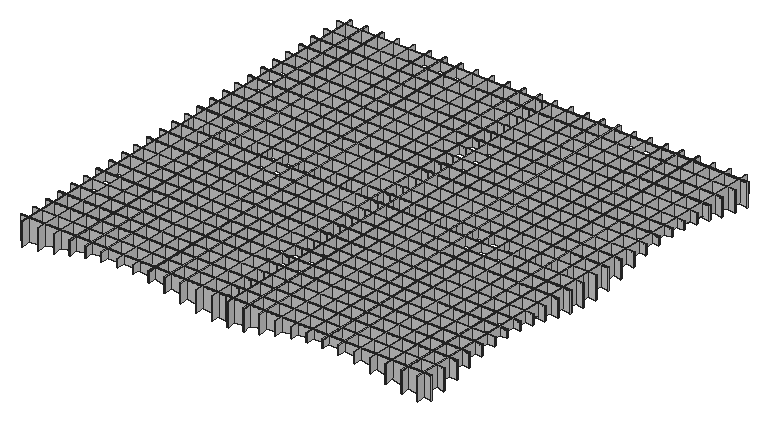
Revit family "CLD-WFL-002_RFA", category Modelos genéricos, Revit 2022 (continued)
Forms (in)
  Extrusion 197, solid, not visible
    sketch origin (21.00022, 104.20833, 0) x (0, -1, 0) y (0, 0, 1)
      loop
        spline (79.16322, 5.06596) -> (79.81589, 5.05858) -> (80.46845, 5.04989) -> (81.12094, 5.0398) -> (81.77342, 5.02821) -> (82.42595, 5.01505) -> (83.07858, 5.00022) -> (83.73137, 4.98363) -> (84.38439, 4.9652) -> (85.03768, 4.94483) -> (85.6913, 4.92244) -> (86.34531, 4.89793) -> (86.99978, 4.87123)
        spline (86.99978, 4.87123) -> (87.72677, 4.83707) -> (88.45442, 4.80022) -> (89.18281, 4.7606) -> (89.91198, 4.7181) -> (90.642, 4.67263) -> (91.37294, 4.62408) -> (92.10486, 4.57237) -> (92.83781, 4.5174) -> (93.57187, 4.45907) -> (94.3071, 4.39728) -> (95.04355, 4.33194) -> (95.78122, 4.26301)
        spline (95.78122, 4.26301) -> (96.43065, 4.19725) -> (97.08095, 4.12847) -> (97.73207, 4.05667) -> (98.38393, 3.9819) -> (99.03648, 3.90417) -> (99.68963, 3.82352) -> (100.34334, 3.73996) -> (100.99753, 3.65352) -> (101.65213, 3.56424) -> (102.30709, 3.47213) -> (102.96233, 3.37722) -> (103.61778, 3.27954)
        spline (103.61778, 3.27954) -> (103.98302, 3.22342) -> (104.34828, 3.16655) -> (104.71355, 3.10893) -> (105.07882, 3.05057) -> (105.44409, 2.99146) -> (105.80934, 2.93162) -> (106.17456, 2.87105) -> (106.53976, 2.80974) -> (106.9049, 2.74771) -> (107.27, 2.68496) -> (107.63504, 2.62148) -> (108, 2.55729)
        line (108, 2.55729) -> (108, 11.82144)
    from -0.11811 to 0
  Extrusion 198, solid, not visible
    sketch origin (12.69122, 104.20833, 0) x (0, -1, 0) y (0, 0, 1)
      loop
        line (108, 11.82144) -> (0, 11.82144) -> (0, 0.88375)
        spline (0, 0.88375) -> (0.32561, 0.94348) -> (0.65129, 1.00296) -> (0.97702, 1.06219) -> (1.3028, 1.12116) -> (1.62862, 1.1799) -> (1.95447, 1.23838) -> (2.28035, 1.29662) -> (2.60624, 1.35462) -> (2.93213, 1.41237) -> (3.25803, 1.46988) -> (3.58391, 1.52715) -> (3.90978, 1.58418)
        spline (3.90978, 1.58418) -> (4.64426, 1.71122) -> (5.37851, 1.8372) -> (6.11243, 1.96212) -> (6.84596, 2.086) -> (7.57903, 2.20885) -> (8.31155, 2.33067) -> (9.04347, 2.45149) -> (9.77469, 2.57131) -> (10.50515, 2.69014) -> (11.23478, 2.80798) -> (11.96349, 2.92486) -> (12.69122, 3.04079)
        spline (12.69122, 3.04079) -> (13.34952, 3.14441) -> (14.00673, 3.24717) -> (14.66285, 3.34906) -> (15.31792, 3.45005) -> (15.97202, 3.55011) -> (16.62518, 3.64921) -> (17.27747, 3.74732) -> (17.92894, 3.8444) -> (18.57965, 3.94043) -> (19.22966, 4.03537) -> (19.87902, 4.12919) -> (20.52778, 4.22187)
        spline (20.52778, 4.22187) -> (21.26116, 4.32437) -> (21.99403, 4.42546) -> (22.72646, 4.52511) -> (23.45852, 4.62328) -> (24.19027, 4.71993) -> (24.92177, 4.81503) -> (25.6531, 4.90854) -> (26.3843, 5.00042) -> (27.11545, 5.09065) -> (27.84662, 5.17918) -> (28.57786, 5.26598) -> (29.30922, 5.35101)
        spline (29.30922, 5.35101) -> (29.95995, 5.42391) -> (30.61094, 5.49516) -> (31.26223, 5.56472) -> (31.91387, 5.63257) -> (32.56591, 5.69867) -> (33.21841, 5.763) -> (33.87141, 5.82551) -> (34.52497, 5.88618) -> (35.17914, 5.94498) -> (35.83396, 6.00187) -> (36.48949, 6.05683) -> (37.14578, 6.10982)
        spline (37.14578, 6.10982) -> (37.87194, 6.16453) -> (38.59907, 6.21702) -> (39.32723, 6.26723) -> (40.05647, 6.31514) -> (40.78684, 6.36072) -> (41.51831, 6.40397) -> (42.25083, 6.44489) -> (42.98434, 6.4835) -> (43.71879, 6.51981) -> (44.45413, 6.55383) -> (45.19029, 6.58557) -> (45.92722, 6.61503)
        spline (45.92722, 6.61503) -> (46.57816, 6.6376) -> (47.22964, 6.65822) -> (47.88162, 6.67689) -> (48.53404, 6.69363) -> (49.18687, 6.70845) -> (49.84004, 6.72134) -> (50.49352, 6.73234) -> (51.14725, 6.74143) -> (51.80119, 6.74863) -> (52.45529, 6.75396) -> (53.1095, 6.75742) -> (53.76378, 6.75901)
        spline (53.76378, 6.75901) -> (54.49695, 6.7572) -> (55.23004, 6.75331) -> (55.96301, 6.74732) -> (56.6958, 6.73922) -> (57.42835, 6.72901) -> (58.16062, 6.71667) -> (58.89255, 6.7022) -> (59.62408, 6.68557) -> (60.35517, 6.66679) -> (61.08576, 6.64585) -> (61.81579, 6.62272) -> (62.54522, 6.59741)
        spline (62.54522, 6.59741) -> (63.20286, 6.57112) -> (63.85981, 6.54281) -> (64.51602, 6.51247) -> (65.17144, 6.48008) -> (65.82603, 6.44563) -> (66.47973, 6.40912) -> (67.1325, 6.37054) -> (67.78428, 6.32988) -> (68.43505, 6.28713) -> (69.08486, 6.24233) -> (69.73376, 6.19551) -> (70.38178, 6.14669)
        spline (70.38178, 6.14669) -> (71.1172, 6.08737) -> (71.85177, 6.02584) -> (72.58554, 5.96214) -> (73.31858, 5.89631) -> (74.05094, 5.82838) -> (74.78268, 5.75838) -> (75.51386, 5.68636) -> (76.24452, 5.61234) -> (76.97473, 5.53637) -> (77.70455, 5.45847) -> (78.43403, 5.37869) -> (79.16322, 5.29705)
        spline (79.16322, 5.29705) -> (79.81589, 5.22111) -> (80.46845, 5.14359) -> (81.12094, 5.06452) -> (81.77342, 4.98394) -> (82.42595, 4.90188) -> (83.07858, 4.81837) -> (83.73137, 4.73344) -> (84.38439, 4.64713) -> (85.03768, 4.55947) -> (85.6913, 4.47048) -> (86.34531, 4.3802) -> (86.99978, 4.28866)
        spline (86.99978, 4.28866) -> (87.72677, 4.18488) -> (88.45442, 4.07981) -> (89.1828, 3.97349) -> (89.91197, 3.86595) -> (90.64199, 3.75723) -> (91.37293, 3.64737) -> (92.10485, 3.53639) -> (92.8378, 3.42433) -> (93.57186, 3.31123) -> (94.30709, 3.19712) -> (95.04354, 3.08203) -> (95.78122, 2.96599)
        spline (95.78122, 2.96599) -> (96.4698, 2.85601) -> (97.15931, 2.74512) -> (97.84968, 2.63332) -> (98.54085, 2.52058) -> (99.23273, 2.40692) -> (99.92527, 2.2923) -> (100.61838, 2.17673) -> (101.31201, 2.06019) -> (102.00608, 1.94268) -> (102.70052, 1.82418) -> (103.39525, 1.70469) -> (104.09022, 1.58418)
        spline (104.09022, 1.58418) -> (104.41609, 1.52715) -> (104.74197, 1.46988) -> (105.06787, 1.41237) -> (105.39376, 1.35462) -> (105.71965, 1.29662) -> (106.04553, 1.23838) -> (106.37138, 1.1799) -> (106.6972, 1.12116) -> (107.02298, 1.06219) -> (107.34871, 1.00296) -> (107.67439, 0.94348) -> (108, 0.88375)
        line (108, 0.88375) -> (108, 11.82144)
    from -0.11811 to 0
  Extrusion 199, solid, not visible
    sketch origin (61.95467, 104.20833, 0) x (0, -1, 0) y (0, 0, 1)
      loop
        line (108, 11.82144) -> (0, 11.82144) -> (0, 7.49745)
        spline (0, 7.49745) -> (0.32561, 7.50061) -> (0.65129, 7.5028) -> (0.97702, 7.504) -> (1.3028, 7.50421) -> (1.62862, 7.5034) -> (1.95447, 7.50158) -> (2.28035, 7.49874) -> (2.60624, 7.49485) -> (2.93213, 7.48991) -> (3.25803, 7.48392) -> (3.58391, 7.47685) -> (3.90978, 7.46871)
        spline (3.90978, 7.46871) -> (4.64427, 7.44283) -> (5.37852, 7.41184) -> (6.11245, 7.37564) -> (6.84598, 7.33415) -> (7.57905, 7.28726) -> (8.31158, 7.23488) -> (9.04349, 7.17692) -> (9.77471, 7.11327) -> (10.50517, 7.04386) -> (11.23479, 6.96857) -> (11.9635, 6.88732) -> (12.69122, 6.80001)
        spline (12.69122, 6.80001) -> (13.34456, 6.71191) -> (13.99682, 6.61804) -> (14.64799, 6.5185) -> (15.29813, 6.41358) -> (15.94729, 6.30354) -> (16.59553, 6.18867) -> (17.2429, 6.06925) -> (17.88946, 5.94556) -> (18.53527, 5.81787) -> (19.18038, 5.68647) -> (19.82484, 5.55162) -> (20.46871, 5.41362)
        spline (20.46871, 5.41362) -> (21.20701, 5.25043) -> (21.94481, 5.08446) -> (22.68216, 4.91603) -> (23.41914, 4.74548) -> (24.15581, 4.57314) -> (24.89224, 4.39932) -> (25.62848, 4.22436) -> (26.36461, 4.04857) -> (27.10068, 3.8723) -> (27.83677, 3.69586) -> (28.57293, 3.51959) -> (29.30922, 3.3438)
        spline (29.30922, 3.3438) -> (29.95995, 3.18922) -> (30.61094, 3.03586) -> (31.26223, 2.884) -> (31.91387, 2.73392) -> (32.56591, 2.58591) -> (33.21841, 2.44027) -> (33.87141, 2.29726) -> (34.52497, 2.15719) -> (35.17914, 2.02034) -> (35.83396, 1.88699) -> (36.48949, 1.75744) -> (37.14578, 1.63196)
        spline (37.14578, 1.63196) -> (37.87194, 1.50186) -> (38.59907, 1.37703) -> (39.32723, 1.25779) -> (40.05647, 1.14445) -> (40.78684, 1.03728) -> (41.51831, 0.93629) -> (42.25083, 0.84139) -> (42.98434, 0.75249) -> (43.71879, 0.66948) -> (44.45413, 0.59228) -> (45.19029, 0.52078) -> (45.92722, 0.45488)
        spline (45.92722, 0.45488) -> (46.57816, 0.40504) -> (47.22964, 0.35985) -> (47.88162, 0.31924) -> (48.53404, 0.28312) -> (49.18687, 0.2514) -> (49.84004, 0.224) -> (50.49352, 0.20084) -> (51.14725, 0.18183) -> (51.80119, 0.1669) -> (52.45529, 0.15595) -> (53.1095, 0.14891) -> (53.76378, 0.14568)
        spline (53.76378, 0.14568) -> (54.49695, 0.14945) -> (55.23005, 0.1575) -> (55.96302, 0.16993) -> (56.69581, 0.18682) -> (57.42837, 0.20828) -> (58.16064, 0.23439) -> (58.89257, 0.26525) -> (59.6241, 0.30095) -> (60.35518, 0.34158) -> (61.08577, 0.38725) -> (61.8158, 0.43804) -> (62.54522, 0.49405)
        spline (62.54522, 0.49405) -> (63.20286, 0.55285) -> (63.85981, 0.61666) -> (64.51602, 0.68555) -> (65.17144, 0.75961) -> (65.82603, 0.83894) -> (66.47973, 0.92362) -> (67.1325, 1.01374) -> (67.78428, 1.10938) -> (68.43505, 1.21052) -> (69.08486, 1.31692) -> (69.73376, 1.42831) -> (70.38178, 1.54441)
        spline (70.38178, 1.54441) -> (71.11719, 1.68452) -> (71.85174, 1.82919) -> (72.58551, 1.97812) -> (73.31855, 2.13097) -> (74.05091, 2.28743) -> (74.78265, 2.44718) -> (75.51383, 2.60988) -> (76.24449, 2.77524) -> (76.97471, 2.94291) -> (77.70453, 3.11258) -> (78.43402, 3.28394) -> (79.16322, 3.45665)
        spline (79.16322, 3.45665) -> (79.81589, 3.61318) -> (80.46845, 3.77015) -> (81.12094, 3.92726) -> (81.77342, 4.08422) -> (82.42595, 4.24075) -> (83.07858, 4.39655) -> (83.73137, 4.55134) -> (84.38439, 4.70482) -> (85.03768, 4.85671) -> (85.6913, 5.00672) -> (86.34531, 5.15455) -> (86.99978, 5.29992)
        spline (86.99978, 5.29992) -> (87.72678, 5.4553) -> (88.45445, 5.60712) -> (89.18284, 5.75506) -> (89.91202, 5.8988) -> (90.64204, 6.03803) -> (91.37299, 6.17243) -> (92.1049, 6.3017) -> (92.83786, 6.42551) -> (93.57191, 6.54354) -> (94.30712, 6.6555) -> (95.04356, 6.76106) -> (95.78122, 6.8601)
        spline (95.78122, 6.8601) -> (96.43065, 6.93786) -> (97.08095, 7.01021) -> (97.73207, 7.07724) -> (98.38393, 7.13903) -> (99.03648, 7.19567) -> (99.68963, 7.24723) -> (100.34334, 7.29382) -> (100.99753, 7.33551) -> (101.65213, 7.37238) -> (102.30709, 7.40452) -> (102.96233, 7.43202) -> (103.61778, 7.45496)
        spline (103.61778, 7.45496) -> (103.98301, 7.46494) -> (104.34826, 7.47372) -> (104.71353, 7.4813) -> (105.0788, 7.48768) -> (105.44406, 7.4929) -> (105.80931, 7.49695) -> (106.17454, 7.49984) -> (106.53973, 7.5016) -> (106.90488, 7.50223) -> (107.26998, 7.50173) -> (107.63503, 7.50014) -> (108, 7.49745)
        line (108, 7.49745) -> (108, 11.82144)
    from -0.11811 to 0
  Extrusion 200, solid, not visible
    sketch origin (62.07278, 104.20833, 0) x (0, -1, 0) y (0, 0, 1)
      loop
        line (108, 11.82144) -> (0, 11.82144) -> (0, 7.49745)
        spline (0, 7.49745) -> (0.32561, 7.50061) -> (0.65129, 7.5028) -> (0.97702, 7.504) -> (1.3028, 7.50421) -> (1.62862, 7.5034) -> (1.95447, 7.50158) -> (2.28035, 7.49874) -> (2.60624, 7.49485) -> (2.93213, 7.48991) -> (3.25803, 7.48392) -> (3.58391, 7.47685) -> (3.90978, 7.46871)
        spline (3.90978, 7.46871) -> (4.64427, 7.44283) -> (5.37852, 7.41184) -> (6.11245, 7.37564) -> (6.84598, 7.33415) -> (7.57905, 7.28726) -> (8.31158, 7.23488) -> (9.04349, 7.17692) -> (9.77471, 7.11327) -> (10.50517, 7.04386) -> (11.23479, 6.96857) -> (11.9635, 6.88732) -> (12.69122, 6.80001)
        spline (12.69122, 6.80001) -> (13.34456, 6.71191) -> (13.99682, 6.61804) -> (14.64799, 6.5185) -> (15.29813, 6.41358) -> (15.94729, 6.30354) -> (16.59553, 6.18867) -> (17.2429, 6.06925) -> (17.88946, 5.94556) -> (18.53527, 5.81787) -> (19.18038, 5.68647) -> (19.82484, 5.55162) -> (20.46871, 5.41362)
        spline (20.46871, 5.41362) -> (21.20701, 5.25043) -> (21.94481, 5.08446) -> (22.68216, 4.91603) -> (23.41914, 4.74548) -> (24.15581, 4.57314) -> (24.89224, 4.39932) -> (25.62848, 4.22436) -> (26.36461, 4.04857) -> (27.10068, 3.8723) -> (27.83677, 3.69586) -> (28.57293, 3.51959) -> (29.30922, 3.3438)
        spline (29.30922, 3.3438) -> (29.95995, 3.18922) -> (30.61094, 3.03586) -> (31.26223, 2.884) -> (31.91387, 2.73392) -> (32.56591, 2.58591) -> (33.21841, 2.44027) -> (33.87141, 2.29726) -> (34.52497, 2.15719) -> (35.17914, 2.02034) -> (35.83396, 1.88699) -> (36.48949, 1.75744) -> (37.14578, 1.63196)
        spline (37.14578, 1.63196) -> (37.87194, 1.50186) -> (38.59907, 1.37703) -> (39.32723, 1.25779) -> (40.05647, 1.14445) -> (40.78684, 1.03728) -> (41.51831, 0.93629) -> (42.25083, 0.84139) -> (42.98434, 0.75249) -> (43.71879, 0.66948) -> (44.45413, 0.59228) -> (45.19029, 0.52078) -> (45.92722, 0.45488)
        spline (45.92722, 0.45488) -> (46.57816, 0.40504) -> (47.22964, 0.35985) -> (47.88162, 0.31924) -> (48.53404, 0.28312) -> (49.18687, 0.2514) -> (49.84004, 0.224) -> (50.49352, 0.20084) -> (51.14725, 0.18183) -> (51.80119, 0.1669) -> (52.45529, 0.15595) -> (53.1095, 0.14891) -> (53.76378, 0.14568)
        spline (53.76378, 0.14568) -> (54.49695, 0.14945) -> (55.23005, 0.1575) -> (55.96302, 0.16993) -> (56.69581, 0.18682) -> (57.42837, 0.20828) -> (58.16064, 0.23439) -> (58.89257, 0.26525) -> (59.6241, 0.30095) -> (60.35518, 0.34158) -> (61.08577, 0.38725) -> (61.8158, 0.43804) -> (62.54522, 0.49405)
        spline (62.54522, 0.49405) -> (63.20286, 0.55285) -> (63.85981, 0.61666) -> (64.51602, 0.68555) -> (65.17144, 0.75961) -> (65.82603, 0.83894) -> (66.47973, 0.92362) -> (67.1325, 1.01374) -> (67.78428, 1.10938) -> (68.43505, 1.21052) -> (69.08486, 1.31692) -> (69.73376, 1.42831) -> (70.38178, 1.54441)
        spline (70.38178, 1.54441) -> (71.11719, 1.68452) -> (71.85174, 1.82919) -> (72.58551, 1.97812) -> (73.31855, 2.13097) -> (74.05091, 2.28743) -> (74.78265, 2.44718) -> (75.51383, 2.60988) -> (76.24449, 2.77524) -> (76.97471, 2.94291) -> (77.70453, 3.11258) -> (78.43402, 3.28394) -> (79.16322, 3.45665)
        spline (79.16322, 3.45665) -> (79.81589, 3.61318) -> (80.46845, 3.77015) -> (81.12094, 3.92726) -> (81.77342, 4.08422) -> (82.42595, 4.24075) -> (83.07858, 4.39655) -> (83.73137, 4.55134) -> (84.38439, 4.70482) -> (85.03768, 4.85671) -> (85.6913, 5.00672) -> (86.34531, 5.15455) -> (86.99978, 5.29992)
        spline (86.99978, 5.29992) -> (87.72678, 5.4553) -> (88.45445, 5.60712) -> (89.18284, 5.75506) -> (89.91202, 5.8988) -> (90.64204, 6.03803) -> (91.37299, 6.17243) -> (92.1049, 6.3017) -> (92.83786, 6.42551) -> (93.57191, 6.54354) -> (94.30712, 6.6555) -> (95.04356, 6.76106) -> (95.78122, 6.8601)
        spline (95.78122, 6.8601) -> (96.43065, 6.93786) -> (97.08095, 7.01021) -> (97.73207, 7.07724) -> (98.38393, 7.13903) -> (99.03648, 7.19567) -> (99.68963, 7.24723) -> (100.34334, 7.29382) -> (100.99753, 7.33551) -> (101.65213, 7.37238) -> (102.30709, 7.40452) -> (102.96233, 7.43202) -> (103.61778, 7.45496)
        spline (103.61778, 7.45496) -> (103.98301, 7.46494) -> (104.34826, 7.47372) -> (104.71353, 7.4813) -> (105.0788, 7.48768) -> (105.44406, 7.4929) -> (105.80931, 7.49695) -> (106.17454, 7.49984) -> (106.53973, 7.5016) -> (106.90488, 7.50223) -> (107.26998, 7.50173) -> (107.63503, 7.50014) -> (108, 7.49745)
        line (108, 7.49745) -> (108, 11.82144)
    from -0.47244 to 0
  Extrusion 201, solid, not visible
    sketch origin (62.54522, 104.20833, 0) x (0, -1, 0) y (0, 0, 1)
      loop
        line (108, 11.82144) -> (0, 11.82144) -> (0, 7.49745)
        spline (0, 7.49745) -> (0.32561, 7.50061) -> (0.65129, 7.5028) -> (0.97702, 7.504) -> (1.3028, 7.50421) -> (1.62862, 7.5034) -> (1.95447, 7.50158) -> (2.28035, 7.49874) -> (2.60624, 7.49485) -> (2.93213, 7.48991) -> (3.25803, 7.48392) -> (3.58391, 7.47685) -> (3.90978, 7.46871)
        spline (3.90978, 7.46871) -> (4.64427, 7.44283) -> (5.37852, 7.41184) -> (6.11245, 7.37564) -> (6.84598, 7.33415) -> (7.57905, 7.28726) -> (8.31158, 7.23488) -> (9.04349, 7.17692) -> (9.77471, 7.11327) -> (10.50517, 7.04386) -> (11.23479, 6.96857) -> (11.9635, 6.88732) -> (12.69122, 6.80001)
        spline (12.69122, 6.80001) -> (13.34456, 6.71191) -> (13.99682, 6.61804) -> (14.64799, 6.5185) -> (15.29813, 6.41358) -> (15.94729, 6.30354) -> (16.59553, 6.18867) -> (17.2429, 6.06925) -> (17.88946, 5.94556) -> (18.53527, 5.81787) -> (19.18038, 5.68647) -> (19.82484, 5.55162) -> (20.46871, 5.41362)
        spline (20.46871, 5.41362) -> (21.20701, 5.25043) -> (21.94481, 5.08446) -> (22.68216, 4.91603) -> (23.41914, 4.74548) -> (24.15581, 4.57314) -> (24.89224, 4.39932) -> (25.62848, 4.22436) -> (26.36461, 4.04857) -> (27.10068, 3.8723) -> (27.83677, 3.69586) -> (28.57293, 3.51959) -> (29.30922, 3.3438)
        spline (29.30922, 3.3438) -> (29.95995, 3.18922) -> (30.61094, 3.03586) -> (31.26223, 2.884) -> (31.91387, 2.73392) -> (32.56591, 2.58591) -> (33.21841, 2.44027) -> (33.87141, 2.29726) -> (34.52497, 2.15719) -> (35.17914, 2.02034) -> (35.83396, 1.88699) -> (36.48949, 1.75744) -> (37.14578, 1.63196)
        spline (37.14578, 1.63196) -> (37.87194, 1.50186) -> (38.59907, 1.37703) -> (39.32723, 1.25779) -> (40.05647, 1.14445) -> (40.78684, 1.03728) -> (41.51831, 0.93629) -> (42.25083, 0.84139) -> (42.98434, 0.75249) -> (43.71879, 0.66948) -> (44.45413, 0.59228) -> (45.19029, 0.52078) -> (45.92722, 0.45488)
        spline (45.92722, 0.45488) -> (46.57816, 0.40504) -> (47.22964, 0.35985) -> (47.88162, 0.31924) -> (48.53404, 0.28312) -> (49.18687, 0.2514) -> (49.84004, 0.224) -> (50.49352, 0.20084) -> (51.14725, 0.18183) -> (51.80119, 0.1669) -> (52.45529, 0.15595) -> (53.1095, 0.14891) -> (53.76378, 0.14568)
        spline (53.76378, 0.14568) -> (54.49695, 0.14945) -> (55.23005, 0.1575) -> (55.96302, 0.16993) -> (56.69581, 0.18682) -> (57.42837, 0.20828) -> (58.16064, 0.23439) -> (58.89257, 0.26525) -> (59.6241, 0.30095) -> (60.35518, 0.34158) -> (61.08577, 0.38725) -> (61.8158, 0.43804) -> (62.54522, 0.49405)
        spline (62.54522, 0.49405) -> (63.20286, 0.55285) -> (63.85981, 0.61666) -> (64.51602, 0.68555) -> (65.17144, 0.75961) -> (65.82603, 0.83894) -> (66.47973, 0.92362) -> (67.1325, 1.01374) -> (67.78428, 1.10938) -> (68.43505, 1.21052) -> (69.08486, 1.31692) -> (69.73376, 1.42831) -> (70.38178, 1.54441)
        spline (70.38178, 1.54441) -> (71.11719, 1.68452) -> (71.85174, 1.82919) -> (72.58551, 1.97812) -> (73.31855, 2.13097) -> (74.05091, 2.28743) -> (74.78265, 2.44718) -> (75.51383, 2.60988) -> (76.24449, 2.77524) -> (76.97471, 2.94291) -> (77.70453, 3.11258) -> (78.43402, 3.28394) -> (79.16322, 3.45665)
        spline (79.16322, 3.45665) -> (79.81589, 3.61318) -> (80.46845, 3.77015) -> (81.12094, 3.92726) -> (81.77342, 4.08422) -> (82.42595, 4.24075) -> (83.07858, 4.39655) -> (83.73137, 4.55134) -> (84.38439, 4.70482) -> (85.03768, 4.85671) -> (85.6913, 5.00672) -> (86.34531, 5.15455) -> (86.99978, 5.29992)
        spline (86.99978, 5.29992) -> (87.72678, 5.4553) -> (88.45445, 5.60712) -> (89.18284, 5.75506) -> (89.91202, 5.8988) -> (90.64204, 6.03803) -> (91.37299, 6.17243) -> (92.1049, 6.3017) -> (92.83786, 6.42551) -> (93.57191, 6.54354) -> (94.30712, 6.6555) -> (95.04356, 6.76106) -> (95.78122, 6.8601)
        spline (95.78122, 6.8601) -> (96.43065, 6.93786) -> (97.08095, 7.01021) -> (97.73207, 7.07724) -> (98.38393, 7.13903) -> (99.03648, 7.19567) -> (99.68963, 7.24723) -> (100.34334, 7.29382) -> (100.99753, 7.33551) -> (101.65213, 7.37238) -> (102.30709, 7.40452) -> (102.96233, 7.43202) -> (103.61778, 7.45496)
        spline (103.61778, 7.45496) -> (103.98301, 7.46494) -> (104.34826, 7.47372) -> (104.71353, 7.4813) -> (105.0788, 7.48768) -> (105.44406, 7.4929) -> (105.80931, 7.49695) -> (106.17454, 7.49984) -> (106.53973, 7.5016) -> (106.90488, 7.50223) -> (107.26998, 7.50173) -> (107.63503, 7.50014) -> (108, 7.49745)
        line (108, 7.49745) -> (108, 11.82144)
    from -0.11811 to 0
  Extrusion 202, solid, not visible
    sketch origin (70.26367, 104.20833, 0) x (0, -1, 0) y (0, 0, 1)
      loop
        line (108, 11.82144) -> (0, 11.82144) -> (0, 6.40455)
        spline (0, 6.40455) -> (0.32561, 6.42139) -> (0.65129, 6.43729) -> (0.97702, 6.45226) -> (1.3028, 6.46628) -> (1.62862, 6.47935) -> (1.95447, 6.49146) -> (2.28035, 6.50259) -> (2.60624, 6.51274) -> (2.93213, 6.52189) -> (3.25803, 6.53005) -> (3.58391, 6.5372) -> (3.90978, 6.54334)
        spline (3.90978, 6.54334) -> (4.64427, 6.55011) -> (5.37852, 6.55208) -> (6.11244, 6.54917) -> (6.84598, 6.5413) -> (7.57905, 6.52839) -> (8.31157, 6.51035) -> (9.04349, 6.4871) -> (9.77471, 6.45856) -> (10.50517, 6.42465) -> (11.23479, 6.38528) -> (11.9635, 6.34038) -> (12.69122, 6.28985)
        spline (12.69122, 6.28985) -> (13.34952, 6.23514) -> (14.00673, 6.17505) -> (14.66285, 6.10968) -> (15.31792, 6.03926) -> (15.97202, 5.96405) -> (16.62518, 5.88427) -> (17.27747, 5.80017) -> (17.92894, 5.712) -> (18.57965, 5.62) -> (19.22966, 5.52441) -> (19.87902, 5.42547) -> (20.52778, 5.32343)
        spline (20.52778, 5.32343) -> (21.26115, 5.20293) -> (21.99402, 5.07965) -> (22.72645, 4.95385) -> (23.4585, 4.82583) -> (24.19025, 4.69586) -> (24.92176, 4.56423) -> (25.65308, 4.43121) -> (26.38429, 4.29709) -> (27.11544, 4.16214) -> (27.84661, 4.02665) -> (28.57785, 3.8909) -> (29.30922, 3.75516)
        spline (29.30922, 3.75516) -> (29.95995, 3.63466) -> (30.61094, 3.51485) -> (31.26223, 3.39599) -> (31.91387, 3.2783) -> (32.56591, 3.16206) -> (33.21841, 3.04749) -> (33.87141, 2.93486) -> (34.52497, 2.8244) -> (35.17914, 2.71637) -> (35.83396, 2.61101) -> (36.48949, 2.50857) -> (37.14578, 2.4093)
        spline (37.14578, 2.4093) -> (37.87194, 2.30632) -> (38.59907, 2.20751) -> (39.32723, 2.11315) -> (40.05647, 2.02349) -> (40.78684, 1.93878) -> (41.51831, 1.85902) -> (42.25083, 1.78415) -> (42.98434, 1.71406) -> (43.71879, 1.64869) -> (44.45413, 1.58794) -> (45.19029, 1.53174) -> (45.92722, 1.47999)
        spline (45.92722, 1.47999) -> (46.57816, 1.44092) -> (47.22964, 1.40553) -> (47.88162, 1.37376) -> (48.53404, 1.34552) -> (49.18687, 1.32076) -> (49.84004, 1.2994) -> (50.49352, 1.28136) -> (51.14725, 1.26658) -> (51.80119, 1.25497) -> (52.45529, 1.24648) -> (53.1095, 1.24101) -> (53.76378, 1.23852)
        spline (53.76378, 1.23852) -> (54.49695, 1.24145) -> (55.23005, 1.2477) -> (55.96302, 1.25736) -> (56.69581, 1.2705) -> (57.42836, 1.2872) -> (58.16063, 1.30755) -> (58.89256, 1.33163) -> (59.62409, 1.35951) -> (60.35518, 1.39128) -> (61.08577, 1.42702) -> (61.8158, 1.46681) -> (62.54522, 1.51073)
        spline (62.54522, 1.51073) -> (63.20286, 1.5569) -> (63.85981, 1.60706) -> (64.51602, 1.66127) -> (65.17144, 1.7196) -> (65.82603, 1.78214) -> (66.47973, 1.84896) -> (67.1325, 1.92013) -> (67.78428, 1.99572) -> (68.43505, 2.07573) -> (69.08486, 2.15994) -> (69.73376, 2.24811) -> (70.38178, 2.34001)
        spline (70.38178, 2.34001) -> (71.11719, 2.45082) -> (71.85175, 2.56518) -> (72.58552, 2.6828) -> (73.31856, 2.80343) -> (74.05092, 2.92677) -> (74.78266, 3.05256) -> (75.51384, 3.1805) -> (76.2445, 3.31033) -> (76.97472, 3.44177) -> (77.70454, 3.57454) -> (78.43402, 3.70836) -> (79.16322, 3.84296)
        spline (79.16322, 3.84296) -> (79.81589, 3.96449) -> (80.46845, 4.08604) -> (81.12094, 4.20735) -> (81.77342, 4.32817) -> (82.42595, 4.44826) -> (83.07858, 4.56736) -> (83.73137, 4.68523) -> (84.38439, 4.80161) -> (85.03768, 4.91625) -> (85.6913, 5.02891) -> (86.34531, 5.13933) -> (86.99978, 5.24726)
        spline (86.99978, 5.24726) -> (87.72678, 5.36123) -> (88.45444, 5.47173) -> (89.18283, 5.57848) -> (89.91201, 5.68121) -> (90.64203, 5.77964) -> (91.37298, 5.87351) -> (92.10489, 5.96254) -> (92.83785, 6.04646) -> (93.5719, 6.125) -> (94.30712, 6.19789) -> (95.04356, 6.26486) -> (95.78122, 6.32579)
        spline (95.78122, 6.32579) -> (96.46987, 6.37175) -> (97.15943, 6.41238) -> (97.84985, 6.44778) -> (98.54104, 6.47801) -> (99.23294, 6.50316) -> (99.92548, 6.5233) -> (100.61859, 6.53851) -> (101.3122, 6.54886) -> (102.00624, 6.55445) -> (102.70063, 6.55534) -> (103.39532, 6.55161) -> (104.09022, 6.54334)
        spline (104.09022, 6.54334) -> (104.41609, 6.5372) -> (104.74197, 6.53005) -> (105.06787, 6.52189) -> (105.39376, 6.51274) -> (105.71965, 6.50259) -> (106.04553, 6.49146) -> (106.37138, 6.47935) -> (106.6972, 6.46628) -> (107.02298, 6.45226) -> (107.34871, 6.43729) -> (107.67439, 6.42139) -> (108, 6.40455)
        line (108, 6.40455) -> (108, 11.82144)
    from -0.11811 to 0
  Extrusion 203, solid, not visible
    sketch origin (70.38178, 104.20833, 0) x (0, -1, 0) y (0, 0, 1)
      loop
        line (108, 11.82144) -> (0, 11.82144) -> (0, 6.40455)
        spline (0, 6.40455) -> (0.32561, 6.42139) -> (0.65129, 6.43729) -> (0.97702, 6.45226) -> (1.3028, 6.46628) -> (1.62862, 6.47935) -> (1.95447, 6.49146) -> (2.28035, 6.50259) -> (2.60624, 6.51274) -> (2.93213, 6.52189) -> (3.25803, 6.53005) -> (3.58391, 6.5372) -> (3.90978, 6.54334)
        spline (3.90978, 6.54334) -> (4.64427, 6.55011) -> (5.37852, 6.55208) -> (6.11244, 6.54917) -> (6.84598, 6.5413) -> (7.57905, 6.52839) -> (8.31157, 6.51035) -> (9.04349, 6.4871) -> (9.77471, 6.45856) -> (10.50517, 6.42465) -> (11.23479, 6.38528) -> (11.9635, 6.34038) -> (12.69122, 6.28985)
        spline (12.69122, 6.28985) -> (13.34952, 6.23514) -> (14.00673, 6.17505) -> (14.66285, 6.10968) -> (15.31792, 6.03926) -> (15.97202, 5.96405) -> (16.62518, 5.88427) -> (17.27747, 5.80017) -> (17.92894, 5.712) -> (18.57965, 5.62) -> (19.22966, 5.52441) -> (19.87902, 5.42547) -> (20.52778, 5.32343)
        spline (20.52778, 5.32343) -> (21.26115, 5.20293) -> (21.99402, 5.07965) -> (22.72645, 4.95385) -> (23.4585, 4.82583) -> (24.19025, 4.69586) -> (24.92176, 4.56423) -> (25.65308, 4.43121) -> (26.38429, 4.29709) -> (27.11544, 4.16214) -> (27.84661, 4.02665) -> (28.57785, 3.8909) -> (29.30922, 3.75516)
        spline (29.30922, 3.75516) -> (29.95995, 3.63466) -> (30.61094, 3.51485) -> (31.26223, 3.39599) -> (31.91387, 3.2783) -> (32.56591, 3.16206) -> (33.21841, 3.04749) -> (33.87141, 2.93486) -> (34.52497, 2.8244) -> (35.17914, 2.71637) -> (35.83396, 2.61101) -> (36.48949, 2.50857) -> (37.14578, 2.4093)
        spline (37.14578, 2.4093) -> (37.87194, 2.30632) -> (38.59907, 2.20751) -> (39.32723, 2.11315) -> (40.05647, 2.02349) -> (40.78684, 1.93878) -> (41.51831, 1.85902) -> (42.25083, 1.78415) -> (42.98434, 1.71406) -> (43.71879, 1.64869) -> (44.45413, 1.58794) -> (45.19029, 1.53174) -> (45.92722, 1.47999)
        spline (45.92722, 1.47999) -> (46.57816, 1.44092) -> (47.22964, 1.40553) -> (47.88162, 1.37376) -> (48.53404, 1.34552) -> (49.18687, 1.32076) -> (49.84004, 1.2994) -> (50.49352, 1.28136) -> (51.14725, 1.26658) -> (51.80119, 1.25497) -> (52.45529, 1.24648) -> (53.1095, 1.24101) -> (53.76378, 1.23852)
        spline (53.76378, 1.23852) -> (54.49695, 1.24145) -> (55.23005, 1.2477) -> (55.96302, 1.25736) -> (56.69581, 1.2705) -> (57.42836, 1.2872) -> (58.16063, 1.30755) -> (58.89256, 1.33163) -> (59.62409, 1.35951) -> (60.35518, 1.39128) -> (61.08577, 1.42702) -> (61.8158, 1.46681) -> (62.54522, 1.51073)
        spline (62.54522, 1.51073) -> (63.20286, 1.5569) -> (63.85981, 1.60706) -> (64.51602, 1.66127) -> (65.17144, 1.7196) -> (65.82603, 1.78214) -> (66.47973, 1.84896) -> (67.1325, 1.92013) -> (67.78428, 1.99572) -> (68.43505, 2.07573) -> (69.08486, 2.15994) -> (69.73376, 2.24811) -> (70.38178, 2.34001)
        spline (70.38178, 2.34001) -> (71.11719, 2.45082) -> (71.85175, 2.56518) -> (72.58552, 2.6828) -> (73.31856, 2.80343) -> (74.05092, 2.92677) -> (74.78266, 3.05256) -> (75.51384, 3.1805) -> (76.2445, 3.31033) -> (76.97472, 3.44177) -> (77.70454, 3.57454) -> (78.43402, 3.70836) -> (79.16322, 3.84296)
        spline (79.16322, 3.84296) -> (79.81589, 3.96449) -> (80.46845, 4.08604) -> (81.12094, 4.20735) -> (81.77342, 4.32817) -> (82.42595, 4.44826) -> (83.07858, 4.56736) -> (83.73137, 4.68523) -> (84.38439, 4.80161) -> (85.03768, 4.91625) -> (85.6913, 5.02891) -> (86.34531, 5.13933) -> (86.99978, 5.24726)
        spline (86.99978, 5.24726) -> (87.72678, 5.36123) -> (88.45444, 5.47173) -> (89.18283, 5.57848) -> (89.91201, 5.68121) -> (90.64203, 5.77964) -> (91.37298, 5.87351) -> (92.10489, 5.96254) -> (92.83785, 6.04646) -> (93.5719, 6.125) -> (94.30712, 6.19789) -> (95.04356, 6.26486) -> (95.78122, 6.32579)
        spline (95.78122, 6.32579) -> (96.46987, 6.37175) -> (97.15943, 6.41238) -> (97.84985, 6.44778) -> (98.54104, 6.47801) -> (99.23294, 6.50316) -> (99.92548, 6.5233) -> (100.61859, 6.53851) -> (101.3122, 6.54886) -> (102.00624, 6.55445) -> (102.70063, 6.55534) -> (103.39532, 6.55161) -> (104.09022, 6.54334)
        spline (104.09022, 6.54334) -> (104.41609, 6.5372) -> (104.74197, 6.53005) -> (105.06787, 6.52189) -> (105.39376, 6.51274) -> (105.71965, 6.50259) -> (106.04553, 6.49146) -> (106.37138, 6.47935) -> (106.6972, 6.46628) -> (107.02298, 6.45226) -> (107.34871, 6.43729) -> (107.67439, 6.42139) -> (108, 6.40455)
        line (108, 6.40455) -> (108, 11.82144)
    from -0.47244 to 0
  Extrusion 204, solid, not visible
    sketch origin (70.85422, 104.20833, 0) x (0, -1, 0) y (0, 0, 1)
      loop
        line (108, 11.82144) -> (0, 11.82144) -> (0, 6.40455)
        spline (0, 6.40455) -> (0.32561, 6.42139) -> (0.65129, 6.43729) -> (0.97702, 6.45226) -> (1.3028, 6.46628) -> (1.62862, 6.47935) -> (1.95447, 6.49146) -> (2.28035, 6.50259) -> (2.60624, 6.51274) -> (2.93213, 6.52189) -> (3.25803, 6.53005) -> (3.58391, 6.5372) -> (3.90978, 6.54334)
        spline (3.90978, 6.54334) -> (4.64427, 6.55011) -> (5.37852, 6.55208) -> (6.11244, 6.54917) -> (6.84598, 6.5413) -> (7.57905, 6.52839) -> (8.31157, 6.51035) -> (9.04349, 6.4871) -> (9.77471, 6.45856) -> (10.50517, 6.42465) -> (11.23479, 6.38528) -> (11.9635, 6.34038) -> (12.69122, 6.28985)
        spline (12.69122, 6.28985) -> (13.34952, 6.23514) -> (14.00673, 6.17505) -> (14.66285, 6.10968) -> (15.31792, 6.03926) -> (15.97202, 5.96405) -> (16.62518, 5.88427) -> (17.27747, 5.80017) -> (17.92894, 5.712) -> (18.57965, 5.62) -> (19.22966, 5.52441) -> (19.87902, 5.42547) -> (20.52778, 5.32343)
        spline (20.52778, 5.32343) -> (21.26115, 5.20293) -> (21.99402, 5.07965) -> (22.72645, 4.95385) -> (23.4585, 4.82583) -> (24.19025, 4.69586) -> (24.92176, 4.56423) -> (25.65308, 4.43121) -> (26.38429, 4.29709) -> (27.11544, 4.16214) -> (27.84661, 4.02665) -> (28.57785, 3.8909) -> (29.30922, 3.75516)
        spline (29.30922, 3.75516) -> (29.95995, 3.63466) -> (30.61094, 3.51485) -> (31.26223, 3.39599) -> (31.91387, 3.2783) -> (32.56591, 3.16206) -> (33.21841, 3.04749) -> (33.87141, 2.93486) -> (34.52497, 2.8244) -> (35.17914, 2.71637) -> (35.83396, 2.61101) -> (36.48949, 2.50857) -> (37.14578, 2.4093)
        spline (37.14578, 2.4093) -> (37.87194, 2.30632) -> (38.59907, 2.20751) -> (39.32723, 2.11315) -> (40.05647, 2.02349) -> (40.78684, 1.93878) -> (41.51831, 1.85902) -> (42.25083, 1.78415) -> (42.98434, 1.71406) -> (43.71879, 1.64869) -> (44.45413, 1.58794) -> (45.19029, 1.53174) -> (45.92722, 1.47999)
        spline (45.92722, 1.47999) -> (46.57816, 1.44092) -> (47.22964, 1.40553) -> (47.88162, 1.37376) -> (48.53404, 1.34552) -> (49.18687, 1.32076) -> (49.84004, 1.2994) -> (50.49352, 1.28136) -> (51.14725, 1.26658) -> (51.80119, 1.25497) -> (52.45529, 1.24648) -> (53.1095, 1.24101) -> (53.76378, 1.23852)
        spline (53.76378, 1.23852) -> (54.49695, 1.24145) -> (55.23005, 1.2477) -> (55.96302, 1.25736) -> (56.69581, 1.2705) -> (57.42836, 1.2872) -> (58.16063, 1.30755) -> (58.89256, 1.33163) -> (59.62409, 1.35951) -> (60.35518, 1.39128) -> (61.08577, 1.42702) -> (61.8158, 1.46681) -> (62.54522, 1.51073)
        spline (62.54522, 1.51073) -> (63.20286, 1.5569) -> (63.85981, 1.60706) -> (64.51602, 1.66127) -> (65.17144, 1.7196) -> (65.82603, 1.78214) -> (66.47973, 1.84896) -> (67.1325, 1.92013) -> (67.78428, 1.99572) -> (68.43505, 2.07573) -> (69.08486, 2.15994) -> (69.73376, 2.24811) -> (70.38178, 2.34001)
        spline (70.38178, 2.34001) -> (71.11719, 2.45082) -> (71.85175, 2.56518) -> (72.58552, 2.6828) -> (73.31856, 2.80343) -> (74.05092, 2.92677) -> (74.78266, 3.05256) -> (75.51384, 3.1805) -> (76.2445, 3.31033) -> (76.97472, 3.44177) -> (77.70454, 3.57454) -> (78.43402, 3.70836) -> (79.16322, 3.84296)
        spline (79.16322, 3.84296) -> (79.81589, 3.96449) -> (80.46845, 4.08604) -> (81.12094, 4.20735) -> (81.77342, 4.32817) -> (82.42595, 4.44826) -> (83.07858, 4.56736) -> (83.73137, 4.68523) -> (84.38439, 4.80161) -> (85.03768, 4.91625) -> (85.6913, 5.02891) -> (86.34531, 5.13933) -> (86.99978, 5.24726)
        spline (86.99978, 5.24726) -> (87.72678, 5.36123) -> (88.45444, 5.47173) -> (89.18283, 5.57848) -> (89.91201, 5.68121) -> (90.64203, 5.77964) -> (91.37298, 5.87351) -> (92.10489, 5.96254) -> (92.83785, 6.04646) -> (93.5719, 6.125) -> (94.30712, 6.19789) -> (95.04356, 6.26486) -> (95.78122, 6.32579)
        spline (95.78122, 6.32579) -> (96.46987, 6.37175) -> (97.15943, 6.41238) -> (97.84985, 6.44778) -> (98.54104, 6.47801) -> (99.23294, 6.50316) -> (99.92548, 6.5233) -> (100.61859, 6.53851) -> (101.3122, 6.54886) -> (102.00624, 6.55445) -> (102.70063, 6.55534) -> (103.39532, 6.55161) -> (104.09022, 6.54334)
        spline (104.09022, 6.54334) -> (104.41609, 6.5372) -> (104.74197, 6.53005) -> (105.06787, 6.52189) -> (105.39376, 6.51274) -> (105.71965, 6.50259) -> (106.04553, 6.49146) -> (106.37138, 6.47935) -> (106.6972, 6.46628) -> (107.02298, 6.45226) -> (107.34871, 6.43729) -> (107.67439, 6.42139) -> (108, 6.40455)
        line (108, 6.40455) -> (108, 11.82144)
    from -0.11811 to 0
  Extrusion 205, solid, not visible
    sketch origin (78.57267, 104.20833, 0) x (0, -1, 0) y (0, 0, 1)
      loop
        line (108, 11.82144) -> (0, 11.82144) -> (0, 4.58891)
        spline (0, 4.58891) -> (0.32561, 4.62796) -> (0.65129, 4.66617) -> (0.97702, 4.70353) -> (1.3028, 4.74004) -> (1.62862, 4.77569) -> (1.95447, 4.81048) -> (2.28035, 4.84439) -> (2.60624, 4.87743) -> (2.93213, 4.90957) -> (3.25803, 4.94083) -> (3.58391, 4.97119) -> (3.90978, 5.00064)
        spline (3.90978, 5.00064) -> (4.64427, 5.06081) -> (5.37851, 5.11675) -> (6.11244, 5.16838) -> (6.84597, 5.21566) -> (7.57904, 5.25851) -> (8.31157, 5.29688) -> (9.04348, 5.33072) -> (9.7747, 5.35995) -> (10.50516, 5.38452) -> (11.23478, 5.40437) -> (11.96349, 5.41944) -> (12.69122, 5.42966)
        spline (12.69122, 5.42966) -> (13.34952, 5.43128) -> (14.00673, 5.42829) -> (14.66285, 5.42076) -> (15.31792, 5.40886) -> (15.97202, 5.39278) -> (16.62518, 5.37269) -> (17.27747, 5.34877) -> (17.92894, 5.32119) -> (18.57965, 5.29014) -> (19.22966, 5.2558) -> (19.87902, 5.21833) -> (20.52778, 5.17793)
        spline (20.52778, 5.17793) -> (21.26115, 5.12722) -> (21.99402, 5.0737) -> (22.72645, 5.01759) -> (23.45851, 4.95908) -> (24.19025, 4.89838) -> (24.92176, 4.8357) -> (25.65308, 4.77124) -> (26.38429, 4.70521) -> (27.11544, 4.63782) -> (27.84661, 4.56926) -> (28.57785, 4.49975) -> (29.30922, 4.42949)
        spline (29.30922, 4.42949) -> (29.95995, 4.366) -> (30.61094, 4.30234) -> (31.26223, 4.2387) -> (31.91387, 4.17525) -> (32.56591, 4.11218) -> (33.21841, 4.04966) -> (33.87141, 3.98789) -> (34.52497, 3.92703) -> (35.17914, 3.86728) -> (35.83396, 3.80881) -> (36.48949, 3.75181) -> (37.14578, 3.69645)
        spline (37.14578, 3.69645) -> (37.87194, 3.63892) -> (38.59907, 3.58371) -> (39.32723, 3.53102) -> (40.05647, 3.48105) -> (40.78684, 3.43397) -> (41.51831, 3.38979) -> (42.25083, 3.34845) -> (42.98434, 3.30989) -> (43.7188, 3.27405) -> (44.45413, 3.24086) -> (45.19029, 3.21027) -> (45.92722, 3.18221)
        spline (45.92722, 3.18221) -> (46.57816, 3.16116) -> (47.22964, 3.14217) -> (47.88162, 3.12519) -> (48.53404, 3.11017) -> (49.18687, 3.09705) -> (49.84004, 3.08579) -> (50.49352, 3.07632) -> (51.14725, 3.06859) -> (51.80119, 3.06255) -> (52.45529, 3.05816) -> (53.1095, 3.05535) -> (53.76378, 3.05407)
        spline (53.76378, 3.05407) -> (54.49695, 3.0556) -> (55.23004, 3.05885) -> (55.96301, 3.06387) -> (56.6958, 3.07073) -> (57.42836, 3.07948) -> (58.16062, 3.09019) -> (58.89255, 3.10292) -> (59.62409, 3.11771) -> (60.35517, 3.13464) -> (61.08576, 3.15376) -> (61.81579, 3.17514) -> (62.54522, 3.19882)
        spline (62.54522, 3.19882) -> (63.20286, 3.22386) -> (63.85981, 3.25117) -> (64.51602, 3.28078) -> (65.17144, 3.31277) -> (65.82603, 3.34719) -> (66.47973, 3.38408) -> (67.1325, 3.42351) -> (67.78428, 3.46553) -> (68.43505, 3.51013) -> (69.08486, 3.55715) -> (69.73376, 3.60642) -> (70.38178, 3.65777)
        spline (70.38178, 3.65777) -> (71.1172, 3.71948) -> (71.85176, 3.78304) -> (72.58554, 3.84824) -> (73.31858, 3.91488) -> (74.05094, 3.98275) -> (74.78268, 4.05166) -> (75.51385, 4.12139) -> (76.24452, 4.19176) -> (76.97473, 4.26254) -> (77.70455, 4.33354) -> (78.43403, 4.40456) -> (79.16322, 4.47539)
        spline (79.16322, 4.47539) -> (79.80403, 4.53723) -> (80.44473, 4.59841) -> (81.08536, 4.65876) -> (81.72599, 4.7181) -> (82.36666, 4.77623) -> (83.00743, 4.83299) -> (83.64836, 4.88819) -> (84.28951, 4.94166) -> (84.93093, 4.9932) -> (85.57267, 5.04265) -> (86.21481, 5.08982) -> (86.85738, 5.13453)
        spline (86.85738, 5.13453) -> (87.59614, 5.18092) -> (88.33559, 5.22395) -> (89.07577, 5.26344) -> (89.81676, 5.29917) -> (90.55862, 5.33094) -> (91.30141, 5.35856) -> (92.04519, 5.38181) -> (92.79004, 5.4005) -> (93.53601, 5.41442) -> (94.28316, 5.42338) -> (95.03157, 5.42716) -> (95.78122, 5.4257)
        spline (95.78122, 5.4257) -> (96.43065, 5.41648) -> (97.08095, 5.40294) -> (97.73207, 5.38513) -> (98.38393, 5.36311) -> (99.03648, 5.33693) -> (99.68963, 5.30665) -> (100.34334, 5.27231) -> (100.99753, 5.23398) -> (101.65213, 5.19169) -> (102.30709, 5.14552) -> (102.96233, 5.09551) -> (103.61778, 5.04172)
        spline (103.61778, 5.04172) -> (103.98301, 5.00943) -> (104.34827, 4.97613) -> (104.71354, 4.94182) -> (105.07881, 4.90651) -> (105.44407, 4.8702) -> (105.80932, 4.83291) -> (106.17455, 4.79465) -> (106.53974, 4.75541) -> (106.90489, 4.71521) -> (107.26999, 4.67406) -> (107.63503, 4.63196) -> (108, 4.58891)
        line (108, 4.58891) -> (108, 11.82144)
    from -0.11811 to 0
  Extrusion 206, solid, not visible
    sketch origin (78.69078, 104.20833, 0) x (0, -1, 0) y (0, 0, 1)
      loop
        line (108, 11.82144) -> (0, 11.82144) -> (0, 4.58891)
        spline (0, 4.58891) -> (0.32561, 4.62796) -> (0.65129, 4.66617) -> (0.97702, 4.70353) -> (1.3028, 4.74004) -> (1.62862, 4.77569) -> (1.95447, 4.81048) -> (2.28035, 4.84439) -> (2.60624, 4.87743) -> (2.93213, 4.90957) -> (3.25803, 4.94083) -> (3.58391, 4.97119) -> (3.90978, 5.00064)
        spline (3.90978, 5.00064) -> (4.64427, 5.06081) -> (5.37851, 5.11675) -> (6.11244, 5.16838) -> (6.84597, 5.21566) -> (7.57904, 5.25851) -> (8.31157, 5.29688) -> (9.04348, 5.33072) -> (9.7747, 5.35995) -> (10.50516, 5.38452) -> (11.23478, 5.40437) -> (11.96349, 5.41944) -> (12.69122, 5.42966)
        spline (12.69122, 5.42966) -> (13.34952, 5.43128) -> (14.00673, 5.42829) -> (14.66285, 5.42076) -> (15.31792, 5.40886) -> (15.97202, 5.39278) -> (16.62518, 5.37269) -> (17.27747, 5.34877) -> (17.92894, 5.32119) -> (18.57965, 5.29014) -> (19.22966, 5.2558) -> (19.87902, 5.21833) -> (20.52778, 5.17793)
        spline (20.52778, 5.17793) -> (21.26115, 5.12722) -> (21.99402, 5.0737) -> (22.72645, 5.01759) -> (23.45851, 4.95908) -> (24.19025, 4.89838) -> (24.92176, 4.8357) -> (25.65308, 4.77124) -> (26.38429, 4.70521) -> (27.11544, 4.63782) -> (27.84661, 4.56926) -> (28.57785, 4.49975) -> (29.30922, 4.42949)
        spline (29.30922, 4.42949) -> (29.95995, 4.366) -> (30.61094, 4.30234) -> (31.26223, 4.2387) -> (31.91387, 4.17525) -> (32.56591, 4.11218) -> (33.21841, 4.04966) -> (33.87141, 3.98789) -> (34.52497, 3.92703) -> (35.17914, 3.86728) -> (35.83396, 3.80881) -> (36.48949, 3.75181) -> (37.14578, 3.69645)
        spline (37.14578, 3.69645) -> (37.87194, 3.63892) -> (38.59907, 3.58371) -> (39.32723, 3.53102) -> (40.05647, 3.48105) -> (40.78684, 3.43397) -> (41.51831, 3.38979) -> (42.25083, 3.34845) -> (42.98434, 3.30989) -> (43.7188, 3.27405) -> (44.45413, 3.24086) -> (45.19029, 3.21027) -> (45.92722, 3.18221)
        spline (45.92722, 3.18221) -> (46.57816, 3.16116) -> (47.22964, 3.14217) -> (47.88162, 3.12519) -> (48.53404, 3.11017) -> (49.18687, 3.09705) -> (49.84004, 3.08579) -> (50.49352, 3.07632) -> (51.14725, 3.06859) -> (51.80119, 3.06255) -> (52.45529, 3.05816) -> (53.1095, 3.05535) -> (53.76378, 3.05407)
        spline (53.76378, 3.05407) -> (54.49695, 3.0556) -> (55.23004, 3.05885) -> (55.96301, 3.06387) -> (56.6958, 3.07073) -> (57.42836, 3.07948) -> (58.16062, 3.09019) -> (58.89255, 3.10292) -> (59.62409, 3.11771) -> (60.35517, 3.13464) -> (61.08576, 3.15376) -> (61.81579, 3.17514) -> (62.54522, 3.19882)
        spline (62.54522, 3.19882) -> (63.20286, 3.22386) -> (63.85981, 3.25117) -> (64.51602, 3.28078) -> (65.17144, 3.31277) -> (65.82603, 3.34719) -> (66.47973, 3.38408) -> (67.1325, 3.42351) -> (67.78428, 3.46553) -> (68.43505, 3.51013) -> (69.08486, 3.55715) -> (69.73376, 3.60642) -> (70.38178, 3.65777)
        spline (70.38178, 3.65777) -> (71.1172, 3.71948) -> (71.85176, 3.78304) -> (72.58554, 3.84824) -> (73.31858, 3.91488) -> (74.05094, 3.98275) -> (74.78268, 4.05166) -> (75.51385, 4.12139) -> (76.24452, 4.19176) -> (76.97473, 4.26254) -> (77.70455, 4.33354) -> (78.43403, 4.40456) -> (79.16322, 4.47539)
        spline (79.16322, 4.47539) -> (79.80403, 4.53723) -> (80.44473, 4.59841) -> (81.08536, 4.65876) -> (81.72599, 4.7181) -> (82.36666, 4.77623) -> (83.00743, 4.83299) -> (83.64836, 4.88819) -> (84.28951, 4.94166) -> (84.93093, 4.9932) -> (85.57267, 5.04265) -> (86.21481, 5.08982) -> (86.85738, 5.13453)
        spline (86.85738, 5.13453) -> (87.59614, 5.18092) -> (88.33559, 5.22395) -> (89.07577, 5.26344) -> (89.81676, 5.29917) -> (90.55862, 5.33094) -> (91.30141, 5.35856) -> (92.04519, 5.38181) -> (92.79004, 5.4005) -> (93.53601, 5.41442) -> (94.28316, 5.42338) -> (95.03157, 5.42716) -> (95.78122, 5.4257)
        spline (95.78122, 5.4257) -> (96.43065, 5.41648) -> (97.08095, 5.40294) -> (97.73207, 5.38513) -> (98.38393, 5.36311) -> (99.03648, 5.33693) -> (99.68963, 5.30665) -> (100.34334, 5.27231) -> (100.99753, 5.23398) -> (101.65213, 5.19169) -> (102.30709, 5.14552) -> (102.96233, 5.09551) -> (103.61778, 5.04172)
        spline (103.61778, 5.04172) -> (103.98301, 5.00943) -> (104.34827, 4.97613) -> (104.71354, 4.94182) -> (105.07881, 4.90651) -> (105.44407, 4.8702) -> (105.80932, 4.83291) -> (106.17455, 4.79465) -> (106.53974, 4.75541) -> (106.90489, 4.71521) -> (107.26999, 4.67406) -> (107.63503, 4.63196) -> (108, 4.58891)
        line (108, 4.58891) -> (108, 11.82144)
    from -0.47244 to 0
  Extrusion 207, solid, not visible
    sketch origin (79.16322, 104.20833, 0) x (0, -1, 0) y (0, 0, 1)
      loop
        line (108, 11.82144) -> (0, 11.82144) -> (0, 4.58891)
        spline (0, 4.58891) -> (0.32561, 4.62796) -> (0.65129, 4.66617) -> (0.97702, 4.70353) -> (1.3028, 4.74004) -> (1.62862, 4.77569) -> (1.95447, 4.81048) -> (2.28035, 4.84439) -> (2.60624, 4.87743) -> (2.93213, 4.90957) -> (3.25803, 4.94083) -> (3.58391, 4.97119) -> (3.90978, 5.00064)
        spline (3.90978, 5.00064) -> (4.64427, 5.06081) -> (5.37851, 5.11675) -> (6.11244, 5.16838) -> (6.84597, 5.21566) -> (7.57904, 5.25851) -> (8.31157, 5.29688) -> (9.04348, 5.33072) -> (9.7747, 5.35995) -> (10.50516, 5.38452) -> (11.23478, 5.40437) -> (11.96349, 5.41944) -> (12.69122, 5.42966)
        spline (12.69122, 5.42966) -> (13.34952, 5.43128) -> (14.00673, 5.42829) -> (14.66285, 5.42076) -> (15.31792, 5.40886) -> (15.97202, 5.39278) -> (16.62518, 5.37269) -> (17.27747, 5.34877) -> (17.92894, 5.32119) -> (18.57965, 5.29014) -> (19.22966, 5.2558) -> (19.87902, 5.21833) -> (20.52778, 5.17793)
        spline (20.52778, 5.17793) -> (21.26115, 5.12722) -> (21.99402, 5.0737) -> (22.72645, 5.01759) -> (23.45851, 4.95908) -> (24.19025, 4.89838) -> (24.92176, 4.8357) -> (25.65308, 4.77124) -> (26.38429, 4.70521) -> (27.11544, 4.63782) -> (27.84661, 4.56926) -> (28.57785, 4.49975) -> (29.30922, 4.42949)
        spline (29.30922, 4.42949) -> (29.95995, 4.366) -> (30.61094, 4.30234) -> (31.26223, 4.2387) -> (31.91387, 4.17525) -> (32.56591, 4.11218) -> (33.21841, 4.04966) -> (33.87141, 3.98789) -> (34.52497, 3.92703) -> (35.17914, 3.86728) -> (35.83396, 3.80881) -> (36.48949, 3.75181) -> (37.14578, 3.69645)
        spline (37.14578, 3.69645) -> (37.87194, 3.63892) -> (38.59907, 3.58371) -> (39.32723, 3.53102) -> (40.05647, 3.48105) -> (40.78684, 3.43397) -> (41.51831, 3.38979) -> (42.25083, 3.34845) -> (42.98434, 3.30989) -> (43.7188, 3.27405) -> (44.45413, 3.24086) -> (45.19029, 3.21027) -> (45.92722, 3.18221)
        spline (45.92722, 3.18221) -> (46.57816, 3.16116) -> (47.22964, 3.14217) -> (47.88162, 3.12519) -> (48.53404, 3.11017) -> (49.18687, 3.09705) -> (49.84004, 3.08579) -> (50.49352, 3.07632) -> (51.14725, 3.06859) -> (51.80119, 3.06255) -> (52.45529, 3.05816) -> (53.1095, 3.05535) -> (53.76378, 3.05407)
        spline (53.76378, 3.05407) -> (54.49695, 3.0556) -> (55.23004, 3.05885) -> (55.96301, 3.06387) -> (56.6958, 3.07073) -> (57.42836, 3.07948) -> (58.16062, 3.09019) -> (58.89255, 3.10292) -> (59.62409, 3.11771) -> (60.35517, 3.13464) -> (61.08576, 3.15376) -> (61.81579, 3.17514) -> (62.54522, 3.19882)
        spline (62.54522, 3.19882) -> (63.20286, 3.22386) -> (63.85981, 3.25117) -> (64.51602, 3.28078) -> (65.17144, 3.31277) -> (65.82603, 3.34719) -> (66.47973, 3.38408) -> (67.1325, 3.42351) -> (67.78428, 3.46553) -> (68.43505, 3.51013) -> (69.08486, 3.55715) -> (69.73376, 3.60642) -> (70.38178, 3.65777)
        spline (70.38178, 3.65777) -> (71.1172, 3.71948) -> (71.85176, 3.78304) -> (72.58554, 3.84824) -> (73.31858, 3.91488) -> (74.05094, 3.98275) -> (74.78268, 4.05166) -> (75.51385, 4.12139) -> (76.24452, 4.19176) -> (76.97473, 4.26254) -> (77.70455, 4.33354) -> (78.43403, 4.40456) -> (79.16322, 4.47539)
        spline (79.16322, 4.47539) -> (79.80403, 4.53723) -> (80.44473, 4.59841) -> (81.08536, 4.65876) -> (81.72599, 4.7181) -> (82.36666, 4.77623) -> (83.00743, 4.83299) -> (83.64836, 4.88819) -> (84.28951, 4.94166) -> (84.93093, 4.9932) -> (85.57267, 5.04265) -> (86.21481, 5.08982) -> (86.85738, 5.13453)
        spline (86.85738, 5.13453) -> (87.59614, 5.18092) -> (88.33559, 5.22395) -> (89.07577, 5.26344) -> (89.81676, 5.29917) -> (90.55862, 5.33094) -> (91.30141, 5.35856) -> (92.04519, 5.38181) -> (92.79004, 5.4005) -> (93.53601, 5.41442) -> (94.28316, 5.42338) -> (95.03157, 5.42716) -> (95.78122, 5.4257)
        spline (95.78122, 5.4257) -> (96.43065, 5.41648) -> (97.08095, 5.40294) -> (97.73207, 5.38513) -> (98.38393, 5.36311) -> (99.03648, 5.33693) -> (99.68963, 5.30665) -> (100.34334, 5.27231) -> (100.99753, 5.23398) -> (101.65213, 5.19169) -> (102.30709, 5.14552) -> (102.96233, 5.09551) -> (103.61778, 5.04172)
        spline (103.61778, 5.04172) -> (103.98301, 5.00943) -> (104.34827, 4.97613) -> (104.71354, 4.94182) -> (105.07881, 4.90651) -> (105.44407, 4.8702) -> (105.80932, 4.83291) -> (106.17455, 4.79465) -> (106.53974, 4.75541) -> (106.90489, 4.71521) -> (107.26999, 4.67406) -> (107.63503, 4.63196) -> (108, 4.58891)
        line (108, 4.58891) -> (108, 11.82144)
    from -0.11811 to 0
  Extrusion 208, solid, not visible
    sketch origin (86.88167, 104.20833, 0) x (0, -1, 0) y (0, 0, 1)
      loop
        line (108, 11.82144) -> (0, 11.82144) -> (0, 2.55729)
        spline (0, 2.55729) -> (0.32561, 2.61504) -> (0.65129, 2.67215) -> (0.97702, 2.72862) -> (1.3028, 2.78445) -> (1.62862, 2.83963) -> (1.95447, 2.89415) -> (2.28035, 2.94802) -> (2.60624, 3.00123) -> (2.93213, 3.05379) -> (3.25803, 3.10567) -> (3.58391, 3.15689) -> (3.90978, 3.20744)
        spline (3.90978, 3.20744) -> (4.64427, 3.31686) -> (5.37851, 3.42317) -> (6.11243, 3.52634) -> (6.84596, 3.62635) -> (7.57903, 3.72316) -> (8.31156, 3.81675) -> (9.04347, 3.90709) -> (9.77469, 3.99415) -> (10.50515, 4.07789) -> (11.23478, 4.1583) -> (11.96349, 4.23534) -> (12.69122, 4.30898)
        spline (12.69122, 4.30898) -> (13.34952, 4.37039) -> (14.00673, 4.4286) -> (14.66285, 4.48364) -> (15.31792, 4.53559) -> (15.97202, 4.58455) -> (16.62518, 4.63059) -> (17.27747, 4.67381) -> (17.92894, 4.71429) -> (18.57965, 4.75212) -> (19.22966, 4.78738) -> (19.87902, 4.82016) -> (20.52778, 4.85054)
        spline (20.52778, 4.85054) -> (21.26115, 4.88062) -> (21.99402, 4.90823) -> (22.72646, 4.93347) -> (23.45851, 4.95644) -> (24.19026, 4.97724) -> (24.92176, 4.99598) -> (25.65309, 5.01275) -> (26.38429, 5.02764) -> (27.11545, 5.04077) -> (27.84661, 5.05223) -> (28.57785, 5.06211) -> (29.30922, 5.07053)
        spline (29.30922, 5.07053) -> (29.95995, 5.07584) -> (30.61094, 5.08009) -> (31.26223, 5.08336) -> (31.91387, 5.08574) -> (32.56591, 5.08733) -> (33.21841, 5.0882) -> (33.87141, 5.08846) -> (34.52497, 5.08817) -> (35.17914, 5.08744) -> (35.83396, 5.08636) -> (36.48949, 5.085) -> (37.14578, 5.08346)
        spline (37.14578, 5.08346) -> (37.87194, 5.08165) -> (38.59907, 5.0799) -> (39.32723, 5.0783) -> (40.05647, 5.07696) -> (40.78684, 5.07594) -> (41.51831, 5.07527) -> (42.25083, 5.07491) -> (42.98434, 5.07483) -> (43.7188, 5.075) -> (44.45413, 5.07538) -> (45.19029, 5.07596) -> (45.92722, 5.0767)
        spline (45.92722, 5.0767) -> (46.57816, 5.07753) -> (47.22964, 5.07843) -> (47.88162, 5.07937) -> (48.53404, 5.08033) -> (49.18687, 5.08128) -> (49.84004, 5.0822) -> (50.49352, 5.08306) -> (51.14725, 5.08383) -> (51.80119, 5.0845) -> (52.45529, 5.08503) -> (53.1095, 5.0854) -> (53.76378, 5.08558)
        spline (53.76378, 5.08558) -> (54.49695, 5.08542) -> (55.23004, 5.08505) -> (55.96301, 5.0845) -> (56.6958, 5.0838) -> (57.42835, 5.08298) -> (58.16062, 5.08206) -> (58.89255, 5.08107) -> (59.62408, 5.08005) -> (60.35517, 5.07902) -> (61.08576, 5.07801) -> (61.81579, 5.07705) -> (62.54522, 5.07616)
        spline (62.54522, 5.07616) -> (63.20286, 5.07551) -> (63.85981, 5.075) -> (64.51602, 5.07466) -> (65.17144, 5.07452) -> (65.82603, 5.0746) -> (66.47973, 5.07493) -> (67.1325, 5.07554) -> (67.78428, 5.07645) -> (68.43505, 5.07766) -> (69.08486, 5.07909) -> (69.73376, 5.08066) -> (70.38178, 5.08229)
        spline (70.38178, 5.08229) -> (71.1172, 5.08386) -> (71.85177, 5.08523) -> (72.58555, 5.08629) -> (73.31859, 5.08695) -> (74.05095, 5.08712) -> (74.78269, 5.08668) -> (75.51386, 5.08555) -> (76.24453, 5.08362) -> (76.97474, 5.08079) -> (77.70455, 5.07697) -> (78.43403, 5.07206) -> (79.16322, 5.06596)
        spline (79.16322, 5.06596) -> (79.81589, 5.05858) -> (80.46845, 5.04989) -> (81.12094, 5.0398) -> (81.77342, 5.02821) -> (82.42595, 5.01505) -> (83.07858, 5.00022) -> (83.73137, 4.98363) -> (84.38439, 4.9652) -> (85.03768, 4.94483) -> (85.6913, 4.92244) -> (86.34531, 4.89793) -> (86.99978, 4.87123)
        spline (86.99978, 4.87123) -> (87.72677, 4.83707) -> (88.45442, 4.80022) -> (89.18281, 4.7606) -> (89.91198, 4.7181) -> (90.642, 4.67263) -> (91.37294, 4.62408) -> (92.10486, 4.57237) -> (92.83781, 4.5174) -> (93.57187, 4.45907) -> (94.3071, 4.39728) -> (95.04355, 4.33194) -> (95.78122, 4.26301)
        spline (95.78122, 4.26301) -> (96.43065, 4.19725) -> (97.08095, 4.12847) -> (97.73207, 4.05667) -> (98.38393, 3.9819) -> (99.03648, 3.90417) -> (99.68963, 3.82352) -> (100.34334, 3.73996) -> (100.99753, 3.65352) -> (101.65213, 3.56424) -> (102.30709, 3.47213) -> (102.96233, 3.37722) -> (103.61778, 3.27954)
        spline (103.61778, 3.27954) -> (103.98302, 3.22342) -> (104.34828, 3.16655) -> (104.71355, 3.10893) -> (105.07882, 3.05057) -> (105.44409, 2.99146) -> (105.80934, 2.93162) -> (106.17456, 2.87105) -> (106.53976, 2.80974) -> (106.9049, 2.74771) -> (107.27, 2.68496) -> (107.63504, 2.62148) -> (108, 2.55729)
        line (108, 2.55729) -> (108, 11.82144)
    from -0.11811 to 0
  Extrusion 209, solid, not visible
    sketch origin (86.99978, 104.20833, 0) x (0, -1, 0) y (0, 0, 1)
      loop
        line (108, 11.82144) -> (0, 11.82144) -> (0, 2.55729)
        spline (0, 2.55729) -> (0.32561, 2.61504) -> (0.65129, 2.67215) -> (0.97702, 2.72862) -> (1.3028, 2.78445) -> (1.62862, 2.83963) -> (1.95447, 2.89415) -> (2.28035, 2.94802) -> (2.60624, 3.00123) -> (2.93213, 3.05379) -> (3.25803, 3.10567) -> (3.58391, 3.15689) -> (3.90978, 3.20744)
        spline (3.90978, 3.20744) -> (4.64427, 3.31686) -> (5.37851, 3.42317) -> (6.11243, 3.52634) -> (6.84596, 3.62635) -> (7.57903, 3.72316) -> (8.31156, 3.81675) -> (9.04347, 3.90709) -> (9.77469, 3.99415) -> (10.50515, 4.07789) -> (11.23478, 4.1583) -> (11.96349, 4.23534) -> (12.69122, 4.30898)
        spline (12.69122, 4.30898) -> (13.34952, 4.37039) -> (14.00673, 4.4286) -> (14.66285, 4.48364) -> (15.31792, 4.53559) -> (15.97202, 4.58455) -> (16.62518, 4.63059) -> (17.27747, 4.67381) -> (17.92894, 4.71429) -> (18.57965, 4.75212) -> (19.22966, 4.78738) -> (19.87902, 4.82016) -> (20.52778, 4.85054)
